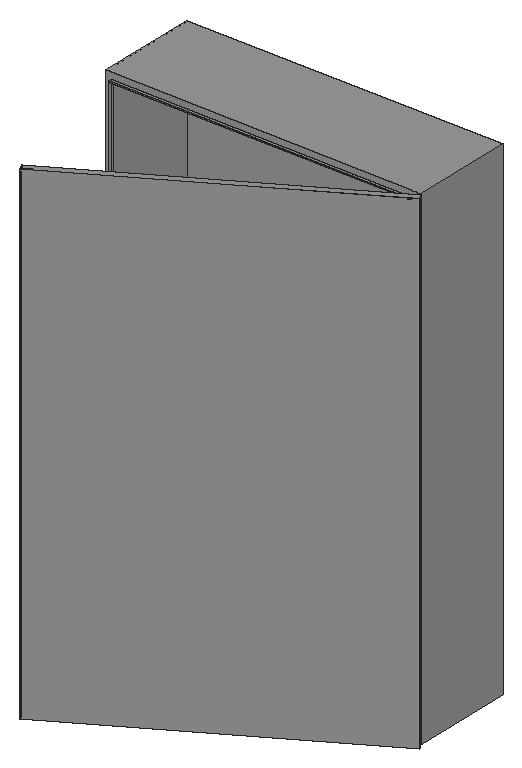
Revit family "Hager-Univers-IP55-D275-H1250-Cl.II-Steel_encl-NoHosted-DE-de", category Equipement électrique, Revit 2020
Family settings
  Configuration du panneau = Deux colonnes, circuits au sein
  Cote de connecteur circulaire = Utiliser le diamètre
  Type d'élément = Tableau de raccordement
  Basée sur le plan de construction = Oui
  Toujours verticalement = Oui
  Couper avec des vides une fois chargée = Non
  Partagée = Non
  Point de calcul de pièce = Non
Parameters (values of type "Aufputz IP55 B800 H1250 T275  - FR83S")
  Width Control [instance] = if([EF000008 - Breite] > Min Width, [EF000008 - Breite], Min Width)  # 800 mm
  Commentaires du type = [HG000003 - Bereich]  # "Univers"
  Thickness Door [instance] = if([EF009171 - Materialstärke Tür/Deckel] > 3 mm, 3 mm, [EF009171 - Materialstärke Tür/Deckel])  # 1.5 mm
  Seal Frame Offset [instance] = 17 mm  # constant formula
  Plinth Visibility [instance] = [HG000027 - Sockelhöhe] > 0 mm  # no
  Min Width [instance] = 100 mm  # constant formula
  Min Depth [instance] = (2 * [EF009170 - Materialstärke Gehäuse]) + 1 mm  # 4 mm
  Min Height [instance] = 100 mm  # constant formula
  Internal Frame Depth [instance] = (Door System Depth * 0.5)  # 9 mm
  Panel Name [instance] = ""  # (empty or 0)
  Model = ""
  HG000027 - Sockelhöhe = 0 mm
  HG000026 - Stehend auf dem Boden = no
  HG000024 - Höhe des unteren Teils = 600 mm
  HG000023 - Gehäuse mit doppeltem Querschnitt = no
  HG000016 - 3D-Türsichtbarkeit [instance] = yes
  HG000015 - Sichtbarkeit der Türöffnung [instance] = no
  HG000014 - Tür rechts [instance] = yes
  HG000013 - Tür links [instance] = not([HG000014 - Tür rechts])  # no
  HG000012 - Türschwenkwinkel [instance] = 30.00°
  HG000010 - Asymmetrische Türen = no
  HG000009 - Doppelflügeligen Tür = no
  HG000006 - Unterputz = no
  HG000004 - Herstellerreferenz = "FR83S"
  HG000003 - Bereich = "Univers"
  HG000002 - Mit tür = yes
  Frame Offset Bottom [instance] = 10 mm  # constant formula
  Frame Offset [instance] = 15 mm  # constant formula
  EF015940 - Deckel mit Überdruckentlastung = no
  EF011959 - Schutzart (NEMA) = ""
  EF009554 - Anzahl der Öffnungen für Flanschplatten = 6
  EF009212 - Ausführung Deckel = "EV000116 - geschlossen"
  EF009171 - Materialstärke Tür/Deckel = 1.5 mm
  EF009170 - Materialstärke Gehäuse = 1.5 mm
  EF008873 - Nennstrom (In) = 800 A
  EF007800 - Geeignet für Blitzschutz = no
  EF006306 - Mit Schloss = no
  EF006244 - Transparenter Deckel/Tür = no
  EF005474 - Schutzart (IP) = "EV006420 - IP55"
  EF004464 - Art der Tür = "EV002646 - Einzel"
  EF004427 - Anzahl der Module = 288
  EF004293 - Schlagfestigkeit = "EV008784 - IK10"
  EF003532 - Geeignet für Außengebrauch = no
  EF002950 - Breite in Teilungseinheiten = 24
  EF001613 - Funktionserhalt = "EV000494 - ohne"
  EF001596 - Werkstoff des Gehäuses = "EV000179 - Stahl"
  EF001131 - Innentiefe = 275 mm
  EF001088 - Anbaumöglichkeit = yes
  EF000437 - Anzahl der Leitungseinführungen = 6
  EF000339 - Art der Abdeckung = "EV004216 - Tür"
  EF000266 - Anzahl der Reihen = 8
  EF000218 - Einbautiefe = 0 mm
  EF000118 - Mit Montageplatte = no
  EF000116 - RAL-Nummer = "7035"
  EF000049 - Tiefe = 275 mm
  EF000040 - Höhe = 1250 mm
  EF000008 - Breite = 800 mm
  EF000007 - Farbe = "EV000270 - grau"
  EF000003 - Montageart = "EV000384 - Aufputz"
  Door System Leaf Tolerance [instance] = 1.5 mm  # constant formula
  Door System Depth [instance] = 18 mm  # constant formula
  Door Height [instance] = Height Control - [HG000027 - Sockelhöhe]  # 1250 mm
  Description = ""
  Default Elevation = 1219.2 mm
  Connector Offset [instance] = Height Control / 2  # 625 mm
  Fabricant = "Hager"  # constant formula
  Height Control [instance] = if([EF000040 - Höhe] > Min Height, [EF000040 - Höhe], Min Height)  # 1250 mm
  Depth Control [instance] = if([EF000049 - Tiefe] > Min Depth, [EF000049 - Tiefe], Min Depth)  # 275 mm
  Bottom Top Plate Trim [instance] = 1.5 mm  # constant formula
  Plinth height Ctrl [instance] = if([HG000027 - Sockelhöhe] > 0 mm, [HG000027 - Sockelhöhe], 12 mm)  # 12 mm
Types (5, lengths in mm): name | Width Control | HG000010 - Asymmetrische Türen | HG000009 - Doppelflügeligen Tür | HG000004 - Herstellerreferenz | EF009554 - Anzahl der Öffnungen für Flanschplatten | EF004464 - Art der Tür | EF004427 - Anzahl der Module | EF000437 - Anzahl der Leitungseinführungen | EF000008 - Breite
  Aufputz IP55 B1050 H1250 T275  - FR84S | 1050 | no | yes | "FR84S" | 8 | "EV003602 - Doppel" | 384 | 8 | 1050
  Aufputz IP55 B1300 H1250 T275  - FR85S | 1300 | yes | yes | "FR85S" | 10 | "EV003602 - Doppel" | 480 | 10 | 1300
  Aufputz IP55 B300 H1250 T275  - FR81S | 300 | no | no | "FR81S" | 2 | "EV002646 - Einzel" | 96 | 2 | 300
  Aufputz IP55 B550 H1250 T275  - FR82S | 550 | no | no | "FR82S" | 4 | "EV002646 - Einzel" | 192 | 4 | 550
  Aufputz IP55 B800 H1250 T275  - FR83S | 800 | no | no | "FR83S" | 6 | "EV002646 - Einzel" | 288 | 6 | 800
Reference planes
  plane 1 "Center (Front/Back)": y = 0
  plane 2: z = 0
  plane 3 "Center (Left/Right)": x = 0
  plane 4: y = 0
  plane 5: y = 0
  plane 6: z = 0
  plane 7: x = -400
  plane 8: x = 400
  plane 9: x = 398.5
  plane 10: x = -398.5
  plane 11: z = 0
  plane 12: z = 1.5
  plane 13: y = -275
  plane 14: y = -1.5
  plane 15: x = 0
  plane 16: y = -257
  plane 17: y = -273.5
  plane 18: y = -255.5
  plane 19: x = -383.5
  plane 20: x = 383.5
  plane 21: z = 11.5
  plane 22: x = -383
  plane 23: x = 383
  plane 24: z = 0
  plane 25: z = 1250
  plane 26: z = 1250
  plane 27: z = 1233.5
  plane 28: z = 1248.5
Forms (mm)
  Extrusion 1, solid, material "Hager_Steel_RAL7035_Light_Grey", detail levels medium+fine
    sketch origin (-208.679, -4572, 0) x (-1, 0, 0) y (0, -1, 0)
      loop
        line (191.321, -4315) -> (-608.679, -4315) -> (-608.679, -4572) -> (191.321, -4572) -> (191.321, -4315)
    from 0 to 1250
  Extrusion 2, void
    sketch origin (-350.771, -275, 1219.2) x (1, 0, 0) y (0, 0, 1)
      loop
        line (-47.729, 29.3) -> (-47.729, -1217.7) -> (749.271, -1217.7) -> (749.271, 29.3) -> (-47.729, 29.3)
    from -19.5 to -273.5
  Extrusion 3, void
    sketch origin (-290.084, -257, 1219.2) x (1, 0, 0) y (0, 0, 1)
      loop
        line (-93.416, -1207.7) -> (673.584, -1207.7) -> (673.584, 14.3) -> (-93.416, 14.3) -> (-93.416, -1207.7)
    from 0 to -1.5
  Extrusion 4, solid, material "Hager_Steel_RAL7035_Light_Grey", visible <- "Plinth Visibility", detail levels medium+fine
    sketch origin (0, 0, 0) x (1, 0, 0) y (0, 1, 0)
      loop
        line (-400, 0) -> (-400, -257) -> (400, -257) -> (400, 0) -> (-400, 0)
    from 0 to 12 <- "Plinth height Ctrl"
  Extrusion 5, solid, material "Hager_Steel_RAL7035_Light_Grey", detail levels coarse
    sketch origin (0, 0, 0) x (1, 0, 0) y (0, 1, 0)
      loop
        line (-400, 0) -> (-400, -275) -> (400, -275) -> (400, 0) -> (-400, 0)
    from 0 to 1250 <- "Height Control"
  Sweep 6, void
    path in 3D
      loop
        line (-400, -257, 12) -> (400, -257, 12) -> (400, 0, 12) -> (-400, 0, 12) -> (-400, -257, 12)
    profile origin (-400, -128.5, 12) x (1, 0, 0) y (0, 0, 1)
      loop
        line (0, 0) -> (0, -1.5) -> (1.5, -1.5)
        arc (1.5, -1.5) -> (1.061, -0.439) -> (0, 0) r 1.5
  Extrusion 7, solid, material "Hager_Steel_RAL7035_Light_Grey", detail levels fine
    sketch origin (-400, -257, 0) x (1, 0, 0) y (0, 0, 1)
      loop
        line (16.5, 11.5) -> (783.5, 11.5) -> (783.5, 1233.5) -> (16.5, 1233.5) -> (16.5, 11.5)
      loop
        line (15, 10) -> (785, 10) -> (785, 1235) -> (15, 1235) -> (15, 10)
    from 0 to 9 <- "Internal Frame Depth"
Cuts and joins
  Extrusion 2, Extrusion 3 cuts Extrusion 1
  Sweep 6 cuts Extrusion 4
Lines and regions (mm)
  Masking region 1
    outline origin (0, 0, 0) x (1, 0, 0) y (0, 1, 0)
      loop
        line (-400, 0) -> (-400, -275) -> (400, -275) -> (400, 0) -> (-400, 0)
  Masking region 2, detail levels coarse
    outline origin (-290.084, -257, 1219.2) x (-1, 0, 0) y (0, 0, 1)
      loop
        line (-690.084, -1219.2) -> (109.916, -1219.2) -> (109.916, 30.8) -> (-690.084, 30.8) -> (-690.084, -1219.2)
  Masking region 3, detail levels coarse
    outline origin (0, 0, 0) x (0, 1, 0) y (0, 0, 1)
      loop
        line (0, 0) -> (0, 1250) -> (-275, 1250) -> (-275, 0) -> (0, 0)
  Masking region 4, visible <- "Plinth Visibility", detail levels medium+fine
    outline origin (0, 0, 0) x (0, 1, 0) y (0, 0, 1)
      loop
        line (-1.5, 12) -> (-255.5, 12)
        arc (-255.5, 12) -> (-255.939, 10.939) -> (-257, 10.5) r 1.5
        line (-257, 10.5) -> (-257, 0) -> (0, 0) -> (0, 10.5)
        arc (0, 10.5) -> (-1.061, 10.939) -> (-1.5, 12) r 1.5
  Masking region 5, detail levels medium+fine
    outline origin (0, 0, 594.038) x (0, 1, 0) y (0, 0, 1)
      loop
        line (0, -594.038) -> (0, 655.962) -> (-257, 655.962) -> (-257, -594.038) -> (0, -594.038)
  Masking region 6, detail levels medium+fine
    outline origin (-359.7, -257, 1211.883) x (-1, 0, 0) y (0, 0, 1)
      loop
        line (-759.7, -1211.883) -> (40.3, -1211.883) -> (40.3, 38.117) -> (-759.7, 38.117) -> (-759.7, -1211.883)
  Masking region 7, visible <- "Plinth Visibility", detail levels medium+fine
    outline origin (-320.334, -257, 1041.368) x (-1, 0, 0) y (0, 0, 1)
      loop
        line (-720.334, -1041.368) -> (79.666, -1041.368) -> (79.666, -1030.868)
        arc (79.666, -1030.868) -> (78.606, -1030.429) -> (78.166, -1029.368) r 1.5
        line (78.166, -1029.368) -> (-718.834, -1029.368)
        arc (-718.834, -1029.368) -> (-719.273, -1030.429) -> (-720.334, -1030.868) r 1.5
        line (-720.334, -1030.868) -> (-720.334, -1041.368)
  sketch lines
    curve 1: line (-400, 0, 12) -> (-400, -257, 12)
    curve 2: line (-400, -257, 12) -> (400, -257, 12)
    curve 3: line (400, 0, 12) -> (-400, 0, 12)
    curve 4: line (400, -257, 12) -> (400, 0, 12)
Dimensions and locks
  locked: plane 1 "Center (Front/Back)" to plane 5
  "EF009170 - Materialstärke Gehäuse": plane 7 to plane 10
  "EF009170 - Materialstärke Gehäuse": plane 8 to plane 9
  equal spacing: plane 7, plane 3 "Center (Left/Right)", plane 8
  "Width Control": plane 7 to plane 8
  "Depth Control": plane 4 to plane 13
  "EF009170 - Materialstärke Gehäuse": plane 4 to plane 14
  "Height Control": plane 25 to level
  "HG000027 - Sockelhöhe": plane 11 to level
  "EF009170 - Materialstärke Gehäuse": plane 12 to plane 11
  "EF009170 - Materialstärke Gehäuse": plane 17 to plane 13
  "EF009170 - Materialstärke Gehäuse": plane 18 to plane 16
  "Frame Offset Bottom": plane 21 to plane 12
  "Frame Offset": plane 10 to plane 19
  "Frame Offset": plane 9 to plane 20
  "Door System Depth": plane 16 to plane 13
  "Seal Frame Offset": plane 7 to plane 22
  "Seal Frame Offset": plane 8 to plane 23
  "EF009170 - Materialstärke Gehäuse": plane 26 to plane 28
  "Frame Offset": plane 28 to plane 27
  "Connector Offset": plane 2 to connector elem
  "Bottom Top Plate Trim": profile plane to Sweep 6 sketch curve
  "Bottom Top Plate Trim": Sweep 6 sketch curve to Sweep 6 sketch curve
  "Plinth height Ctrl": Masking region 4 sketch curve to level
  "Plinth height Ctrl": Masking region 7 sketch curve to level
  "Thickness Door": Extrusion 7 sketch curve to Extrusion 7 sketch curve  (x4)
  "Bottom Top Plate Trim": radius of Sweep 6 sketch curve
  "Bottom Top Plate Trim": radius of Masking region 4 sketch curve  (x2)
  "Bottom Top Plate Trim": radius of Masking region 7 sketch curve  (x2)
  aligned and locked: Extrusion 2 sketch curve to plane 12
  aligned and locked: Extrusion 2 sketch curve to plane 9
  aligned and locked: Extrusion 2 sketch curve to plane 10
  aligned and locked: Extrusion 2 to plane 14
  aligned and locked: Extrusion 1 sketch curve to plane 4
  aligned and locked: plane 8 to Extrusion 1 sketch curve
  aligned and locked: plane 7 to Extrusion 1 sketch curve
  aligned and locked: Extrusion 2 to plane 18
  aligned and locked: Extrusion 3 sketch curve to plane 19
  aligned and locked: plane 20 to Extrusion 3 sketch curve
  aligned and locked: Extrusion 3 to Extrusion 2
  aligned and locked: Extrusion 3 sketch curve to plane 21
  aligned and locked: plane 3 "Center (Left/Right)" to nested 1
  aligned and locked: Extrusion 1 sketch curve to plane 16
  aligned and locked: Extrusion 4 sketch curve to cut or joined group of Extrusion 1, Extrusion 2, Extrusion 3
  aligned and locked: Masking region 1 sketch curve to plane 7
  aligned and locked: Masking region 1 sketch curve to plane 5
  aligned and locked: Masking region 1 sketch curve to plane 8
  aligned and locked: Masking region 2 sketch curve to level
  aligned and locked: level to Masking region 3 sketch curve
  aligned and locked: plane 1 "Center (Front/Back)" to Masking region 3 sketch curve
  aligned and locked: plane 13 to Masking region 3 sketch curve
  aligned and locked: plane 5 to Masking region 4 sketch curve
  aligned and locked: Masking region 2 sketch curve to plane 8
  aligned and locked: Masking region 2 sketch curve to plane 7
  aligned and locked: plane 7 to nested 2
  aligned and locked: nested 2 to plane 5
  aligned and locked: plane 5 to Masking region 5 sketch curve
  aligned and locked: plane 26 to Masking region 5 sketch curve
  aligned and locked: Extrusion 5 sketch curve to plane 8
  aligned and locked: Extrusion 5 sketch curve to plane 7
  aligned and locked: Extrusion 5 sketch curve to plane 5
  aligned and locked: Extrusion 3 sketch curve to plane 27
  aligned and locked: Extrusion 2 sketch curve to plane 28
  aligned and locked: Masking region 2 to plane 25
  aligned and locked: Extrusion 4 to plane 16
  aligned and locked: profile plane to Sweep 6 sketch curve
  aligned and locked: Masking region 5 sketch curve to plane 24
  aligned and locked: level to Masking region 4 sketch curve
  aligned and locked: Masking region 1 to plane 13
  aligned and locked: nested 1 to plane 16
  aligned and locked: Masking region 3 to plane 25
  aligned and locked: plane 16 to Masking region 4 sketch curve
  aligned and locked: Masking region 5 sketch curve to plane 16
  aligned and locked: plane 24 to plane 11
  aligned and locked: plane 26 to plane 25
  aligned and locked: plane 26 to cut or joined group of Extrusion 1, Extrusion 2, Extrusion 3
  aligned and locked: nested 1 to plane 24
  aligned and locked: Extrusion 1 to Extrusion 3
  aligned and locked: Masking region 6 sketch curve to plane 8
  aligned and locked: Masking region 6 sketch curve to plane 24
  aligned and locked: Masking region 6 sketch curve to plane 7
  aligned and locked: Masking region 6 sketch curve to plane 26
  aligned and locked: Masking region 7 sketch curve to plane 7
  aligned and locked: level to Masking region 7 sketch curve
  aligned and locked: Masking region 7 sketch curve to plane 8
  aligned and locked: Extrusion 7 sketch curve to cut or joined group of Extrusion 1, Extrusion 2, Extrusion 3  (x4)
Automatic sketch dimensions
  plane 19 to Extrusion 3 sketch curve = 0 mm
  Extrusion 3 sketch curve to plane 20 = 0 mm
  Extrusion 3 sketch curve to plane 21 = 0 mm
  Extrusion 4 sketch curve to plane 7 = 0 mm
  Extrusion 4 sketch curve to plane 8 = 0 mm
  Extrusion 4 sketch curve to plane 16 = 0 mm
  Masking region 1 sketch curve to plane 13 = 0 mm
  Masking region 2 sketch curve to plane 25 = 0 mm
  Masking region 3 sketch curve to plane 25 = 0 mm
  Extrusion 5 sketch curve to plane 13 = 0 mm
  profile plane to Sweep 6 sketch curve = 0 mm
Nested families
  nested 1: "EC000058_Univers_Door" at (0, -257, 0), Double <- "HG000009 - Doppelflügeligen Tür", Transparent <- "EF006244 - Transparenter Deckel/Tür", Angle <- "HG000012 - Türschwenkwinkel", Door_Right <- "HG000014 - Tür rechts", Assymetrical <- "HG000010 - Asymmetrische Türen", Door <- "HG000002 - Mit tür", Width_Ctrl <- "Width Control", 3d_Door <- "HG000016 - 3D-Türsichtbarkeit", Clearance <- "HG000015 - Sichtbarkeit der Türöffnung", Door_Left <- "HG000013 - Tür links", Width <- "Width Control", Door_Depth <- "Door System Depth", Leaf_Tolerance <- "Door System Leaf Tolerance", Height <- "Door Height", Lock_Visibility <- "EF006306 - Mit Schloss", Thickness <- "Thickness Door", type "EC000058_Univers_Door", detail levels medium+fine
    with min_wh 4 mm, Width_Ctrl 800 mm, Width 800 mm, Transparent no, Thickness 1.5 mm, Seal_Material Hager_Rubber, Lock_Visibility no, Lock_Material Hager_Plastic_RAL9005_Jet_Black, Leaf_Width 800 mm, Leaf_Tolerance_External_Sides 0 mm, Leaf_Tolerance 1.5 mm, Leaf_Offset 0 mm, Leaf_Height 1247 mm, Leaf_2_Width 800 mm, Leaf_2_Offset 400 mm, Leaf_1_Width 800 mm, Leaf_1_Offset 400 mm, Height_Ctrl 1250 mm, Height 1250 mm, Glass_Material Hager_Glass, Double_Clearance_Ctrl no, Double no, Door_Right_Ctrl yes, Door_Right yes, Door_Material Hager_Steel_RAL7035_Light_Grey, Door_Left_Ctrl no, Door_Left no, Door_Depth 18 mm, Door yes, Clearance_Material Hager_Clearance, Clearance_Depth 800 mm, Clearance_Ctrl no, Clearance no, Assymetrical no, Angle 30.00°, 3d_Door yes
  nested 2: "Hager_Enclosure_Symbol" at (-400, 0, 0), Height <- "Depth Control", Width <- "Width Control", type "Hager_Enclosure_Symbol"
    with Width_Ctrl 800 mm, Width 800 mm, Height_Ctrl 275 mm, Height 275 mm, A_Width_Int 18.047 mm, A_Width 216.562 mm, A_Height_Ctrl 240.625 mm, A_Height 240.625 mm
Connectors
  electrical at (0, 0, 625)
    settings: on plane 1 "Center (Front/Back)", index 1, voltage 0 V, apparent load 0 VA, apparent load phase1 0 VA, apparent load phase2 0 VA, apparent load phase3 0 VA, power factor 1, load classification "Other", number of poles 1, system type 30, power factor state 1, is connector primary yes, connector utility no, sub classification motor no, connector description ""
Definition of nested family "EC000058_Univers_Door"
  Parameters (values of type "EC000058_Univers_Door")
    min_wh [instance] = (2 * Thickness) + 1 mm  # 11 mm
    Width_Ctrl [instance] = 400 mm
    Width [instance] = 500 mm
    Transparent [instance] = yes
    Thickness [instance] = 5 mm
    Seal_Material [instance] = none
    Lock_Visibility [instance] = yes
    Lock_Material [instance] = none
    Leaf_Width [instance] = if((Width_Ctrl - 2 * Leaf_Tolerance_External_Sides) > 0 mm, (Width_Ctrl - 2 * Leaf_Tolerance_External_Sides), min_wh)  # 400 mm
    Leaf_Tolerance_External_Sides [instance] = 0 mm  # constant formula
    Leaf_Tolerance [instance] = 1.5 mm
    Leaf_Offset [instance] = 0 mm  # constant formula
    Leaf_Height [instance] = if((Height_Ctrl - 2 * Leaf_Tolerance) > 0 mm, (Height_Ctrl - 2 * Leaf_Tolerance), min_wh)  # 497 mm
    Leaf_2_Width [instance] = if(and(and(Double, Assymetrical), Door_Left), (Leaf_Width / 3) - (Leaf_Tolerance / 2), if(and(and(Double, Assymetrical), Door_Right), (Leaf_Width / 3) * 2 - (Leaf_Tolerance / 2), if(and(Double, not(Assymetrical)), (Leaf_Width / 2) - Leaf_Tolerance, Leaf_Width)))  # 400 mm
    Leaf_2_Offset [instance] = if(and(Double, Assymetrical), Leaf_2_Width / 2, if(and(Double, not(Assymetrical)), Leaf_Width / 4, Leaf_Width / 2))  # 200 mm
    Leaf_1_Width [instance] = if(and(and(Double, Assymetrical), Door_Right), (Leaf_Width / 3) - (Leaf_Tolerance / 2), if(and(and(Double, Assymetrical), Door_Left), (Width / 3) * 2 - (Leaf_Tolerance / 2), if(and(Double, not(Assymetrical)), (Leaf_Width / 2) - Leaf_Tolerance, Leaf_Width)))  # 400 mm
    Leaf_1_Offset [instance] = if(and(Double, Assymetrical), Leaf_1_Width / 2, if(and(Double, not(Assymetrical)), Leaf_Width / 4, Leaf_Width / 2))  # 200 mm
    Height_Ctrl [instance] = if(Height > min_wh, Height, min_wh)  # 500 mm
    Height [instance] = 500 mm
    Glass_Material [instance] = none
    Double_Clearance_Ctrl [instance] = and(Double, Clearance)  # no
    Double [instance] = no
    Door_Right_Ctrl [instance] = and(or(Door_Right, Double), Door)  # yes
    Door_Right [instance] = yes
    Door_Material [instance] = none
    Door_Left_Ctrl [instance] = and(or(Door_Left, Double), Door)  # no
    Door_Left [instance] = no
    Door_Depth [instance] = 30 mm
    Door [instance] = yes
    Default Elevation = 1219.2 mm
    Clearance_Material [instance] = none
    Clearance_Depth [instance] = if(Leaf_1_Width > Leaf_2_Width, Leaf_1_Width, Leaf_2_Width)  # 400 mm
    Clearance_Ctrl [instance] = and(not(Double), Clearance)  # yes
    Clearance [instance] = yes
    Assymetrical [instance] = yes
    Angle [instance] = 30.00°
    3d_Door [instance] = yes
  Reference planes
    plane 1 "Center (Front/Back)": y = 0
    plane 2 "Bottom": z = 0
    plane 3 "Center (Left/Right)": x = 0
    plane 4: z = 500
    plane 5: x = -200
    plane 6: x = 200
    plane 7: z = 500
    plane 8: x = -200
    plane 9: z = 0
    plane 10: x = 200
    plane 11: y = 0
    plane 12: z = 1.5
    plane 13: x = -600
    plane 14: y = -400
    plane 15: x = 600
    plane 16: x = 0
    plane 17: x = 0
    plane 18: x = -200
    plane 19: x = 200
    plane 20: z = 498.5
  Forms (mm)
    Extrusion 1, solid, material <- "Clearance_Material", visible <- "Double_Clearance_Ctrl"
      sketch origin (1200, 0, 0) x (1, 0, 0) y (0, 0, -1)
        loop
          line (-1800, -498.5) -> (-600, -498.5) -> (-600, 0) -> (-1800, 0) -> (-1800, -498.5)
      from 0 to -400
  Dimensions and locks
    equal spacing: plane 5, plane 3 "Center (Left/Right)", plane 6
    "Width_Ctrl": plane 5 to plane 6
    "Leaf_Offset": plane 5 to plane 8
    "Leaf_Offset": plane 6 to plane 10
    "Leaf_Offset": plane 9 to level
    "Leaf_Offset": plane 4 to plane 7
    "Height_Ctrl": plane 4 to level
    "Leaf_Tolerance": plane 12 to plane 9
    locked: plane 11 to plane 1 "Center (Front/Back)"
    "Leaf_1_Offset": plane 18 to plane 16
    "Leaf_2_Offset": plane 17 to plane 19
    "Leaf_1_Width": plane 13 to plane 8
    "Leaf_2_Width": plane 10 to plane 15
    "Clearance_Depth": plane 14 to plane 1 "Center (Front/Back)"
    "Leaf_Tolerance_External_Sides": plane 8 to plane 18
    "Leaf_Tolerance_External_Sides": plane 19 to plane 10
    "Leaf_Tolerance": plane 7 to plane 20
    aligned and locked: level to plane 2 "Bottom"
    aligned and locked: nested 1 to plane 16
    aligned and locked: nested 2 to plane 17
    aligned and locked: Extrusion 1 to plane 13
    aligned and locked: plane 15 to Extrusion 1
    aligned and locked: Extrusion 1 to plane 14
    aligned and locked: plane 12 to nested 1
    aligned and locked: nested 2 to plane 12
    aligned and locked: Extrusion 1 to plane 11
    aligned and locked: plane 20 to Extrusion 1
    aligned and locked: nested 2 to plane 11
    aligned and locked: nested 1 to plane 11
  Automatic sketch dimensions
    Extrusion 1 sketch curve to level = 0 mm
    plane 5 to Extrusion 1 sketch curve = 400 mm
    plane 6 to Extrusion 1 sketch curve = 400 mm
    Extrusion 1 sketch curve to plane 4 = 1.5 mm
  Nested families
    nested 1: "EC000058_Univers_Door_Leaf" at (0, 0, 1.5), Width <- "Leaf_1_Width", visible <- "Door_Left_Ctrl", Leaf_Height <- "Leaf_Height", Angle <- "Angle", 3d_Door <- "3d_Door", Transparent <- "Transparent", Clearance Material <- "Clearance_Material", Clearance <- "Clearance_Ctrl", Door_Material <- "Door_Material", Glass_Material <- "Glass_Material", Door_Depth <- "Door_Depth", Lock_Material <- "Lock_Material", Seal_Material <- "Seal_Material", Lock_Visibility <- "Lock_Visibility", Thickness <- "Thickness", type "EC000058_Univers_Door_Leaf"
      with Width 400 mm, Transparent_Glass_Offset 30 mm, Transparent_Ctrl yes, Transparent yes, Thickness 5 mm, Standard no, Seal_Material none, Seal_D2 8 mm, Seal_D1 1 mm, Offset_Internal_Frame 10 mm, Lock_Width 20 mm, Lock_Visibility_3d yes, Lock_Visibility yes, Lock_Thickness_3 3 mm, Lock_Thickness_2 1 mm, Lock_Thickness_1 3 mm, Lock_Radius_Offset_2 16 mm, Lock_Radius_Offset_1 15 mm, Lock_Radius_2 5 mm, Lock_Radius 6 mm, Lock_Offset 5 mm, Lock_Material none, Lock_Height 80 mm, Lock_Cover_Top_Offset_2d 17 mm, Lock_Cover_Height -65 mm, Leaf_Height 497 mm, Internal_Seal_Thickness 8 mm, Internal_Seal_Depth_2 4.5 mm, Internal_Frame_Depth 25 mm, Glass_Thickness -1 mm, Glass_Offset -2 mm, Glass_Material none, Door_Material none, Door_Depth 30 mm, Clearance Material none, Clearance yes, Angle_Ctrl 30.00°, Angle 30.00°, 3d_Door yes
    nested 2: "EC000058_Univers_Door_Leaf" at (0, 0, 1.5) x (-1, 0, 0) z (0, 0, 1), Width <- "Leaf_2_Width", visible <- "Door_Right_Ctrl", Leaf_Height <- "Leaf_Height", Angle <- "Angle", 3d_Door <- "3d_Door", Transparent <- "Transparent", Clearance Material <- "Clearance_Material", Clearance <- "Clearance_Ctrl", Door_Material <- "Door_Material", Glass_Material <- "Glass_Material", Door_Depth <- "Door_Depth", Lock_Material <- "Lock_Material", Seal_Material <- "Seal_Material", Lock_Visibility <- "Lock_Visibility", Thickness <- "Thickness", type "EC000058_Univers_Door_Leaf"
      with Width 400 mm, Transparent_Glass_Offset 30 mm, Transparent_Ctrl yes, Transparent yes, Thickness 5 mm, Standard no, Seal_Material none, Seal_D2 8 mm, Seal_D1 1 mm, Offset_Internal_Frame 10 mm, Lock_Width 20 mm, Lock_Visibility_3d yes, Lock_Visibility yes, Lock_Thickness_3 3 mm, Lock_Thickness_2 1 mm, Lock_Thickness_1 3 mm, Lock_Radius_Offset_2 16 mm, Lock_Radius_Offset_1 15 mm, Lock_Radius_2 5 mm, Lock_Radius 6 mm, Lock_Offset 5 mm, Lock_Material none, Lock_Height 80 mm, Lock_Cover_Top_Offset_2d 17 mm, Lock_Cover_Height -65 mm, Leaf_Height 497 mm, Internal_Seal_Thickness 8 mm, Internal_Seal_Depth_2 4.5 mm, Internal_Frame_Depth 25 mm, Glass_Thickness -1 mm, Glass_Offset -2 mm, Glass_Material none, Door_Material none, Door_Depth 30 mm, Clearance Material none, Clearance yes, Angle_Ctrl 30.00°, Angle 30.00°, 3d_Door yes
  Definition of nested family "EC000058_Univers_Door_Leaf"
    Parameters (values of type "EC000058_Univers_Door_Leaf")
      Width [instance] = 2000 mm
      Transparent_Glass_Offset [instance] = 30 mm
      Transparent_Ctrl [instance] = and(Transparent, [3d_Door])  # yes
      Transparent [instance] = yes
      Thickness [instance] = 5 mm
      Standard [instance] = and(not(Transparent), [3d_Door])  # no
      Seal_Material [instance] = none
      Seal_D2 [instance] = 8 mm  # constant formula
      Seal_D1 [instance] = 1 mm  # constant formula
      Offset_Internal_Frame [instance] = 10 mm  # constant formula
      Lock_Width [instance] = 20 mm  # constant formula
      Lock_Visibility_3d [instance] = and(Lock_Visibility, [3d_Door])  # yes
      Lock_Visibility [instance] = yes
      Lock_Thickness_3 [instance] = 3 mm  # constant formula
      Lock_Thickness_2 [instance] = 1 mm  # constant formula
      Lock_Thickness_1 [instance] = 3 mm  # constant formula
      Lock_Radius_Offset_2 [instance] = Lock_Radius_Offset_1 + 1 mm  # 16 mm
      Lock_Radius_Offset_1 [instance] = 15 mm  # constant formula
      Lock_Radius_2 [instance] = Lock_Radius - 1 mm  # 5 mm
      Lock_Radius [instance] = 6 mm  # constant formula
      Lock_Offset [instance] = 5 mm  # constant formula
      Lock_Material [instance] = none
      Lock_Height [instance] = 80 mm  # constant formula
      Lock_Cover_Top_Offset_2d [instance] = Lock_Radius_Offset_2 + 1 mm  # 17 mm
      Lock_Cover_Height [instance] = -(Lock_Height - Lock_Radius_Offset_1)  # -65 mm
      Leaf_Height [instance] = 2720.336 mm
      Internal_Seal_Thickness [instance] = 8 mm  # constant formula
      Internal_Seal_Depth_2 [instance] = 4.5 mm  # constant formula
      Internal_Frame_Depth [instance] = if(Door_Depth - Thickness > 5 mm, Door_Depth - Thickness, 5 mm)  # 25 mm
      Glass_Thickness [instance] = if(Thickness > 15 mm, Glass_Offset + 10 mm, -1 mm)  # -1 mm
      Glass_Offset [instance] = if(Thickness > 15 mm, -(Thickness + 10 mm) / 2, -2 mm)  # -2 mm
      Glass_Material [instance] = none
      Door_Material [instance] = none
      Door_Depth [instance] = 30 mm
      Default Elevation = 0 mm
      Clearance Material [instance] = none
      Clearance [instance] = yes
      Angle_Ctrl [instance] = if(Angle > 180.00°, 180.00°, Angle)  # 90.00°
      Angle [instance] = 90.00°
      3d_Door [instance] = yes
    Reference planes
      plane 1 "Center (Front/Back)": y = 0
      plane 2: z = 0
      plane 3 "Center (Left/Right)": x = 0
      plane 4: y = 2000
      plane 5: x = -1000
      plane 6: x = 1000
      plane 7: x = -3000
      plane 8: z = 2720.336
      plane 9: z = 30
      plane 10: z = 2690.336
      plane 11: x = 970
      plane 12: x = -970
      plane 13: y = -3
      plane 14: z = 107.833
      plane 15: y = -5
      plane 16: y = -223.314
      plane 17: x = -1000
      plane 18: z = 1360.168
      plane 19: y = 30
    Forms (mm)
      Extrusion 1, solid, material <- "Clearance Material", visible <- "Clearance"
        sketch origin (0, 0, 0) x (1, 0, 0) y (0, 0, 1)
          loop
            line (-3000, 2720.336) -> (-3000, 0) -> (1000, 0) -> (1000, 2720.336) -> (-3000, 2720.336)
        from 0 to -2000
      Extrusion 2, solid, material <- "Door_Material", visible <- "Standard", detail levels medium+fine
        sketch origin (-1000, 0, 0) x (0, 1, 0) y (-1, 0, 0)
          loop
            line (0, 30) -> (0, 25) -> (2000, 25) -> (2000, 30) -> (0, 30)
        from 0 to 2720.336 <- "Leaf_Height"
      Extrusion 3, solid, material <- "Door_Material", visible <- "Transparent_Ctrl", detail levels medium+fine
        sketch origin (-1000, 0, 0) x (0, 1, 0) y (-1, 0, 0)
          loop
            line (0, 25) -> (2000, 25) -> (2000, 30) -> (0, 30) -> (0, 25)
        from 0 to 2720.336 <- "Leaf_Height"
      Extrusion 4, void
        sketch origin (-1025, 2000, 0) x (0, 1, 0) y (0, 0, -1)
          loop
            line (-30, -2690.336) -> (-30, -30) -> (-1970, -30) -> (-1970, -2690.336) -> (-30, -2690.336)
        from 0 to 5 <- "Thickness"
      Sweep 5, solid, material <- "Seal_Material", visible <- "Transparent_Ctrl", detail levels fine
        path in 3D
          loop
            line (-1025, 30, 30) -> (-1025, 30, 2690.336) -> (-1025, 1970, 2690.336) -> (-1025, 1970, 30) -> (-1025, 30, 30)
        profile origin (-1025, 1000, 30) x (1, 0, 0) y (0, 0, 1)
          loop
            line (0, 0) -> (0, -8) -> (1, -8) -> (1, 0) -> (0, 0)
      Extrusion 6, solid, material <- "Glass_Material", visible <- "Transparent_Ctrl", detail levels medium+fine
        sketch origin (-1030, 0, 0) x (0, 1, 0) y (0, 0, -1)
          loop
            line (1970, -2690.336) -> (1970, -30) -> (30, -30) -> (30, -2690.336) -> (1970, -2690.336)
        from -2 <- "Glass_Offset" to -1 <- "Glass_Thickness"
      Extrusion 7, solid, material <- "Door_Material", visible <- "3d_Door", detail levels medium+fine
        sketch origin (-1025, 2000, 0) x (0, -1, 0) y (0, 0, -1)
          loop
            line (0, -2720.336) -> (2000, -2720.336) -> (2000, 0) -> (0, 0) -> (0, -2720.336)
          loop
            line (1995, -5) -> (5, -5) -> (5, -2715.336) -> (1995, -2715.336) -> (1995, -5)
        from 0 to 25 <- "Internal_Frame_Depth"
      Sweep 8, solid, material <- "Seal_Material", visible <- "Transparent_Ctrl", detail levels fine
        path in 3D
          loop
            line (-1025, 0, 0) -> (-1025, 2000, 0) -> (-1025, 2000, 2720.336) -> (-1025, 0, 2720.336) -> (-1025, 0, 0)
        profile origin (-1025, 0, 1360.168) x (1, 0, 0) y (0, 1, 0)
          loop
            line (0, 10) -> (2.975, 10)
            arc (2.975, 10) -> (4.053, 10.447) -> (4.5, 11.525) r 1.525
            line (4.5, 11.525) -> (4.5, 16.527)
            arc (4.5, 16.527) -> (4.069, 17.569) -> (3.027, 18) r 1.473
            line (3.027, 18) -> (0, 18) -> (0, 10)
      Extrusion 9, solid, material <- "Lock_Material", visible <- "Lock_Visibility_3d", detail levels fine
        sketch origin (-1030, 0, 0) x (0, 1, 0) y (0, 0, -1)
          loop
            arc (1993.5, -1400.168) -> (1994.561, -1399.729) -> (1995, -1398.668) r 1.5
            line (1995, -1398.668) -> (1995, -1320.168) -> (1975, -1320.168) -> (1975, -1398.668)
            arc (1975, -1398.668) -> (1975.439, -1399.729) -> (1976.5, -1400.168) r 1.5
            line (1976.5, -1400.168) -> (1993.5, -1400.168)
        from 3 <- "Lock_Thickness_1" to 0
      Blend 10, solid, material <- "Lock_Material", visible <- "Lock_Visibility_3d", detail levels fine
        base sketch origin (-1033, 0, 0) x (0, 1, 0) y (0, 0, -1)
          loop
            line (1975, -1320.168) -> (1975, -1398.668)
            arc (1975, -1398.668) -> (1975.439, -1399.729) -> (1976.5, -1400.168) r 1.5
            line (1976.5, -1400.168) -> (1993.5, -1400.168)
            arc (1993.5, -1400.168) -> (1994.561, -1399.729) -> (1995, -1398.668) r 1.5
            line (1995, -1398.668) -> (1995, -1320.168) -> (1975, -1320.168)
        top sketch origin (-1033, 0, 0) x (0, 1, 0) y (0, 0, -1)
          loop
            line (1976, -1320.168) -> (1976, -1398.668)
            arc (1976, -1398.668) -> (1976.146, -1399.022) -> (1976.5, -1399.168) r 0.5
            line (1976.5, -1399.168) -> (1993.5, -1399.168)
            arc (1993.5, -1399.168) -> (1993.854, -1399.022) -> (1994, -1398.668) r 0.5
            line (1994, -1398.668) -> (1994, -1320.168) -> (1976, -1320.168)
        from 0 to 1 <- "Lock_Thickness_2"
      Blend 11, solid, material <- "Lock_Material", visible <- "Lock_Visibility_3d", detail levels fine
        base sketch origin (-1034, 0, 0) x (0, 1, 0) y (0, 0, -1)
          loop
            line (1978, -1320.168) -> (1978, -1384.168)
            arc (1978, -1384.168) -> (1985, -1391.168) -> (1992, -1384.168) r 7
            line (1992, -1384.168) -> (1992, -1320.168) -> (1978, -1320.168)
        top sketch origin (-1034, 0, 0) x (0, 1, 0) y (0, 0, -1)
          loop
            line (1991, -1320.168) -> (1979, -1320.168) -> (1979, -1383.168)
            arc (1979, -1383.168) -> (1985, -1389.168) -> (1991, -1383.168) r 6
            line (1991, -1383.168) -> (1991, -1320.168)
        from 0 to 3 <- "Lock_Thickness_3"
      Extrusion 12, solid, material <- "Lock_Material", visible <- "Lock_Visibility_3d", detail levels fine
        sketch origin (-1030, 1975, 1320.168) x (1, 0, 0) y (0, -1, 0)
          loop
            line (-7, -19) -> (-7, -1) -> (0, -1) -> (0, 0) -> (-8, 0) -> (-8, -20) -> (0, -20) -> (0, -19) -> (-7, -19)
        from 0 to -65 <- "Lock_Cover_Height"
      Extrusion 13, void
        sketch origin (-1038, 1995, 1320.168) x (-1, 0, 0) y (0, 0, -1)
          loop
            line (-5, -65) -> (0, -65) -> (-5, -60) -> (-5, -65)
        from 0 to 20 <- "Lock_Width"
      Extrusion 14, void
        sketch origin (-1038, 1975, 1320.168) x (0, -1, 0) y (0, 0, -1)
          loop
            circle (-10, -15.995) r 6
          loop
            circle (-10, -15.995) r 5
        from 0 to 2
      Extrusion 15, solid, material <- "Lock_Material", visible <- "Lock_Visibility_3d", detail levels medium
        sketch origin (-1030, 0, 0) x (0, 1, 0) y (0, 0, -1)
          loop
            arc (1993.5, -1400.168) -> (1994.561, -1399.729) -> (1995, -1398.668) r 1.5
            line (1995, -1398.668) -> (1995, -1320.168) -> (1975, -1320.168) -> (1975, -1398.668)
            arc (1975, -1398.668) -> (1975.439, -1399.729) -> (1976.5, -1400.168) r 1.5
            line (1976.5, -1400.168) -> (1993.5, -1400.168)
        from 8 to 0
    Cuts and joins
      Extrusion 4 cuts Extrusion 3
      Extrusion 13, Extrusion 14 cuts Extrusion 9
      Extrusion 14 cuts Blend 11
      Extrusion 13, Extrusion 14 cuts Extrusion 12
      joined: Extrusion 9, Blend 10, Blend 11, Extrusion 12
      Extrusion 14 cuts Extrusion 15
    Lines and regions (mm)
      Masking region 1, visible <- "Lock_Visibility", detail levels fine
        outline origin (0, 0, 0) x (0, 1, 0) y (0, 0, 1)
          loop
            line (30, 1320.168) -> (33, 1320.168) -> (33, 1400.168) -> (30, 1400.168) -> (30, 1320.168)
      Masking region 2, visible <- "Lock_Visibility", detail levels fine
        outline origin (0, 3.143, 0) x (0, 1, 0) y (0, 0, 1)
          loop
            line (29.857, 1354.168) -> (30.857, 1354.168) -> (30.857, 1366.168) -> (29.857, 1366.168) -> (29.857, 1354.168)
      Masking region 3, detail levels medium+fine
        outline origin (0, 0, 0) x (0, 1, 0) y (0, 0, 1)
          loop
            line (0, 0) -> (30, 0) -> (30, 2720.336) -> (0, 2720.336) -> (0, 0)
      Masking region 4, detail levels medium+fine
        outline origin (0, 0, 0) x (1, 0, 0) y (0, 0, 1)
          loop
            line (-1000, 2720.336) -> (-1000, 0) -> (1000, 0) -> (1000, 2720.336) -> (-1000, 2720.336)
      Masking region 5, visible <- "Lock_Visibility", detail levels fine
        outline origin (-47.116, 0, 0) x (1, 0, 0) y (0, 0, 1)
          loop
            arc (1024.616, 1399.168) -> (1023.556, 1398.729) -> (1023.116, 1397.668) r 1.5
            line (1023.116, 1397.668) -> (1023.116, 1320.168) -> (1041.116, 1320.168) -> (1041.116, 1397.668)
            arc (1041.116, 1397.668) -> (1040.677, 1398.729) -> (1039.616, 1399.168) r 1.5
            line (1039.616, 1399.168) -> (1024.616, 1399.168)
      Masking region 6, visible <- "Lock_Visibility", detail levels medium+fine
        outline origin (-25, 0, 0) x (1, 0, 0) y (0, 0, 1)
          loop
            arc (1001.5, 1400.168) -> (1000.439, 1399.729) -> (1000, 1398.668) r 1.5
            line (1000, 1398.668) -> (1000, 1320.168) -> (1020, 1320.168) -> (1020, 1398.668)
            arc (1020, 1398.668) -> (1019.561, 1399.729) -> (1018.5, 1400.168) r 1.5
            line (1018.5, 1400.168) -> (1001.5, 1400.168)
      Masking region 7, visible <- "Lock_Visibility", detail levels fine
        outline origin (-73.735, 0, 0) x (1, 0, 0) y (0, 0, 1)
          loop
            line (1051.735, 1382.168) -> (1065.735, 1382.168) -> (1065.735, 1384.168)
            arc (1065.735, 1384.168) -> (1058.735, 1391.168) -> (1051.735, 1384.168) r 7
            line (1051.735, 1384.168) -> (1051.735, 1382.168)
      Masking region 8, visible <- "Lock_Visibility", detail levels fine
        outline origin (-73.735, 0, 0) x (1, 0, 0) y (0, 0, 1)
          loop
            line (1052.735, 1382.168) -> (1064.735, 1382.168) -> (1064.735, 1383.168)
            arc (1064.735, 1383.168) -> (1058.735, 1389.168) -> (1052.735, 1383.168) r 6
            line (1052.735, 1383.168) -> (1052.735, 1382.168)
      Masking region 9, visible <- "Lock_Visibility", detail levels fine
        outline origin (-25, 0, 0) x (1, 0, 0) y (0, 0, 1)
          loop
            line (1020, 1320.168) -> (1020, 1382.168) -> (1000, 1382.168) -> (1000, 1320.168) -> (1020, 1320.168)
      Masking region 10, detail levels medium+fine
        outline origin (0, 0, 0) x (1, 0, 0) y (0, 0, 1)
          loop
            circle (985, 1335.144) r 6
      Masking region 11, detail levels fine
        outline origin (0, 0, 0) x (1, 0, 0) y (0, 0, 1)
          loop
            circle (985, 1335.144) r 5
      Masking region 12, visible <- "Lock_Visibility", detail levels fine
        outline origin (0, 12.767, 0) x (0, 1, 0) y (0, 0, 1)
          loop
            line (20.233, 1320.168) -> (21.233, 1320.168) -> (21.233, 1399.168) -> (20.233, 1400.168) -> (20.233, 1320.168)
      Masking region 13, visible <- "Lock_Visibility", detail levels fine
        outline origin (0, 13.767, -10) x (0, 1, 0) y (0, 0, 1)
          loop
            line (20.233, 1330.168) -> (23.233, 1330.168) -> (23.233, 1399.168) -> (20.233, 1402.168) -> (20.233, 1330.168)
      Masking region 14, visible <- "Lock_Visibility", detail levels fine
        outline origin (0, 12.767, -10) x (0, 1, 0) y (0, 0, 1)
          loop
            line (20.233, 1330.168) -> (25.233, 1330.168) -> (25.233, 1399.305) -> (20.233, 1394.305) -> (20.233, 1330.168)
      Masking region 15, visible <- "Lock_Visibility", detail levels medium
        outline origin (0, 0, 0) x (0, 1, 0) y (0, 0, 1)
          loop
            line (30, 1320.168) -> (38, 1320.168) -> (38, 1400.168) -> (30, 1400.168) -> (30, 1320.168)
      Masking region 16, visible <- "Lock_Visibility", detail levels fine
        outline origin (-1000, 0, 0) x (0, 1, 0) y (-1, 0, 0)
          loop
            line (1975, 30) -> (1995, 30) -> (1995, 38) -> (1975, 38) -> (1975, 30)
          loop
            line (1979, 37) -> (1976, 37) -> (1976, 34) -> (1978, 34) -> (1979, 37)
          loop
            line (1994, 37) -> (1991, 37) -> (1992, 34) -> (1994, 34) -> (1994, 37)
      Masking region 17, visible <- "Lock_Visibility", detail levels medium
        outline origin (-1000, 0, 0) x (0, 1, 0) y (-1, 0, 0)
          loop
            line (1975, 30) -> (1995, 30) -> (1995, 38) -> (1975, 38) -> (1975, 30)
      symbolic lines
        curve 1: line (1000, 0, 0) -> (-3000, 0, 0)
        curve 2: arc (1000, 0, 0) -> (-1000, 2000, 0) -> (-3000, 0, 0) r 2000
        curve 4: line (-1030, 0, 0) -> (-1030, 2000, 0)
      reference lines
        curve 3: line (-1000, 0, 0) -> (-1000, 2000, 0)
      symbolic lines, detail levels medium+fine
        curve 5: line (-1030, 2000, 0) -> (-1025, 2000, 0)
        curve 7: line (-1025, 0, 0) -> (-1030, 0, 0)
        curve 8: line (-1025, 0, 0) -> (-1000, 0, 0)
        curve 9: line (-1000, 0, 0) -> (-1000, 2000, 0)
        curve 10: line (-1000, 2000, 0) -> (-1025, 2000, 0)
      symbolic lines, detail levels fine
        curve 6: line (-1025, 2000, 0) -> (-1025, 0, 0)
      sketch lines
        curve 11: line (-1025, 0, 2720.336) -> (-1025, 0, 0)
        curve 12: line (-1025, 2000, 0) -> (-1025, 0, 0)
        curve 13: line (-1025, 2000, 2720.336) -> (-1025, 2000, 0)
        curve 14: line (-1025, 0, 2720.336) -> (-1025, 2000, 2720.336)
        curve 15: line (-1025, 1970, 30) -> (-1025, 30, 30)
        curve 16: line (-1025, 30, 30) -> (-1025, 30, 2690.336)
        curve 17: line (-1025, 1970, 2690.336) -> (-1025, 1970, 30)
        curve 18: line (-1025, 30, 2690.336) -> (-1025, 1970, 2690.336)
      symbolic lines, visible <- "Transparent", detail levels medium+fine
        curve 19: line (-970, 0, 2690.336) -> (970, 0, 2690.336)
        curve 20: line (-970, 0, 30) -> (-970, 0, 2690.336)
        curve 21: line (970, 0, 30) -> (-970, 0, 30)
        curve 22: line (970, 0, 2690.336) -> (970, 0, 30)
    Dimensions and locks
      "Width": plane 1 "Center (Front/Back)" to plane 4
      equal spacing: plane 5, plane 3 "Center (Left/Right)", plane 6
      "Width": plane 5 to plane 6
      "Width": plane 7 to plane 5
      "Leaf_Height": plane 8 to level
      "Width": curve 5 to curve 3
      "Width": curve 3 to curve 3
      plane 8 to plane 10 = 30 mm
      plane 9 to level = 30 mm
      plane 12 to plane 5 = 30 mm
      plane 6 to plane 11 = 30 mm
      Extrusion 1 to Extrusion 4 sketch curve = 30 mm
      "Transparent_Glass_Offset": curve 3 to Extrusion 4 sketch curve
      "Transparent_Glass_Offset": Extrusion 4 sketch curve to cut or joined group of Extrusion 3, Extrusion 4  (x2)
      cut or joined group of Extrusion 3, Extrusion 4 to Extrusion 6 sketch curve = 30 mm
      "Transparent_Glass_Offset": cut or joined group of Extrusion 3, Extrusion 4 to Extrusion 4 sketch curve
      "Thickness": curve 6 to curve 4
      "Thickness": Extrusion 7 sketch curve to Extrusion 7 sketch curve  (x4)
      "Door_Depth": curve 4 to curve 3
      "Offset_Internal_Frame": profile plane to Sweep 8 sketch curve
      "Internal_Seal_Thickness": Sweep 8 sketch curve to Sweep 8 sketch curve
      "Internal_Seal_Depth_2": profile plane to Sweep 8 sketch curve
      "Seal_D1": profile plane to Sweep 5 sketch curve
      "Seal_D2": profile plane to Sweep 5 sketch curve
      "Thickness": Extrusion 2 sketch curve to Extrusion 2 sketch curve
      equal spacing: Extrusion 9 sketch curve, plane 18, Extrusion 9 sketch curve  (x2)
      equal spacing: Masking region 1 sketch curve, plane 18, Masking region 1 sketch curve
      "Lock_Height": Masking region 1 sketch curve to Masking region 1 sketch curve
      "Lock_Radius": Masking region 2 sketch curve to plane 18 to Masking region 2 sketch curve
      Masking region 2 sketch curve to Masking region 1 = 1 mm
      "Door_Depth": plane 19 to plane 1 "Center (Front/Back)"
      "Lock_Thickness_1": Masking region 1 sketch curve to plane 19
      "Lock_Width": Extrusion 9 sketch curve to Extrusion 9 sketch curve
      "Lock_Height": Extrusion 9 sketch curve to Extrusion 9 sketch curve
      "Lock_Offset": cut or joined group of Extrusion 3, Extrusion 4 to Extrusion 9 sketch curve
      equal spacing: plane 8, plane 18, level
      "Lock_Radius_Offset_1": Blend 11 sketch curve to Blend 10
      locked: Blend 10 to Blend 11 sketch curve at 2  (x2)
      locked: var sketch to Blend 11 sketch curve at 1  (x2)
      "Lock_Radius_Offset_2": Blend 11 sketch curve to Blend 10
      locked: Extrusion 12 sketch curve to Extrusion 12 sketch curve at 1  (x3)
      Masking region 6 sketch curve to Masking region 6 sketch curve = 80 mm
      "Lock_Height": Masking region 6 sketch curve to Masking region 6 sketch curve
      "Lock_Width": Masking region 6 sketch curve to Masking region 6 sketch curve
      locked: Masking region 6 to Masking region 5 sketch curve at 1  (x3)
      locked: Masking region 5 to Masking region 7 sketch curve at 2  (x2)
      "Lock_Radius_Offset_1": Masking region 5 to Masking region 7 sketch curve
      "Lock_Radius_Offset_2": Masking region 5 to Masking region 8 sketch curve
      locked: Masking region 7 to Masking region 8 sketch curve at 1  (x2)
      "Lock_Cover_Top_Offset_2d": Masking region 5 to Masking region 9 sketch curve
      equal spacing: Masking region 9, Masking region 10 sketch curve, Masking region 9
      equal spacing: Masking region 9, Masking region 11 sketch curve, Masking region 9
      Extrusion 15 sketch curve to Extrusion 15 sketch curve = 80 mm
      "Lock_Width": Extrusion 15 sketch curve to Extrusion 15 sketch curve
      "Lock_Height": Extrusion 15 sketch curve to Extrusion 15 sketch curve
      equal spacing: Extrusion 15 sketch curve, plane 18, Extrusion 15 sketch curve
      "Lock_Thickness_3": Masking region 13 sketch curve to Masking region 13 sketch curve
      "Lock_Height": Masking region 12 sketch curve to Masking region 12 sketch curve
      locked: Masking region 13 sketch curve to Masking region 1 at 8
      locked: Masking region 14 sketch curve to Masking region 13 at 1
      locked: Masking region 14 sketch curve to Masking region 1 at 10.863
      "Lock_Height": Masking region 15 sketch curve to Masking region 15 sketch curve
      "Lock_Offset": Extrusion 15 sketch curve to cut or joined group of Extrusion 3, Extrusion 4
      "Lock_Offset": plane 6 to Masking region 6 sketch curve
      radius of Sweep 8 sketch curve = 1.525 mm
      radius of Sweep 8 sketch curve = 1.473 mm
      radius of Extrusion 9 sketch curve = 1.5 mm  (x2)
      "Lock_Radius": radius of Extrusion 14 sketch curve
      "Lock_Radius_2": radius of Extrusion 14 sketch curve
      "Lock_Radius": radius of Masking region 10 sketch curve
      "Lock_Radius_2": radius of Masking region 11 sketch curve
      radius of Extrusion 15 sketch curve = 1.5 mm  (x2)
      "Angle_Ctrl": angle plane 1 "Center (Front/Back)" to curve 3
      locked: Masking region 12 sketch curve to Masking region 12 sketch curve (angle 45.00°)
      locked: Masking region 13 sketch curve to Masking region 13 sketch curve (angle 45.00°)
      locked: Masking region 14 sketch curve to Masking region 14 sketch curve (angle 45.00°)
      aligned and locked: level to plane 2
      aligned and locked: Extrusion 1 to curve 1
      aligned and locked: plane 6 to Extrusion 1
      aligned and locked: Extrusion 1 to plane 1 "Center (Front/Back)"
      aligned and locked: plane 4 to Extrusion 1
      aligned and locked: plane 8 to Extrusion 1
      aligned and locked: curve 7 to Extrusion 2 sketch curve
      aligned and locked: curve 5 to Extrusion 2 sketch curve
      aligned and locked: curve 7 to Extrusion 3 sketch curve
      aligned and locked: Extrusion 3 sketch curve to curve 4
      aligned and locked: Extrusion 3 sketch curve to curve 6
      aligned and locked: Extrusion 3 sketch curve to curve 5
      aligned and locked: curve 9 to curve 3
      aligned and locked: Extrusion 7 sketch curve to cut or joined group of Extrusion 3, Extrusion 4  (x4)
      aligned and locked: plane 17 to curve 3
      aligned and locked: plane 1 "Center (Front/Back)" to curve 3
      aligned and locked: plane 17 to plane 5
      aligned and locked: Sweep 8 sketch curve to profile plane
      aligned and locked: Sweep 5 sketch curve to profile plane  (x2)
      aligned and locked: Masking region 1 to Masking region 2 sketch curve
      aligned and locked: plane 19 to Masking region 1 sketch curve
      aligned and locked: plane 1 "Center (Front/Back)" to Masking region 3 sketch curve
      aligned and locked: plane 19 to Masking region 3 sketch curve
      aligned and locked: level to Masking region 3 sketch curve
      aligned and locked: Masking region 3 sketch curve to plane 8
      aligned and locked: plane 17 to Masking region 4 sketch curve
      aligned and locked: level to Masking region 4 sketch curve
      aligned and locked: Masking region 4 sketch curve to plane 8
      aligned and locked: plane 12 to curve 20
      aligned and locked: plane 10 to curve 19
      aligned and locked: plane 11 to curve 22
      aligned and locked: curve 21 to plane 9
      aligned and locked: Extrusion 2 sketch curve to cut or joined group of Extrusion 3, Extrusion 4
      aligned and locked: Blend 10 sketch curve to Extrusion 9  (x4)
      aligned and locked: Extrusion 9 to Blend 10 sketch curve
      aligned and locked: Blend 10 to Blend 11 sketch curve
      aligned and locked: Extrusion 12 sketch curve to Blend 11
      aligned and locked: Extrusion 12 sketch curve to Extrusion 9  (x4)
      aligned and locked: Masking region 5 sketch curve to Masking region 6
      aligned and locked: Masking region 9 sketch curve to Masking region 6  (x3)
      aligned and locked: Masking region 12 sketch curve to Masking region 1
      aligned and locked: Masking region 13 sketch curve to Masking region 1
      aligned and locked: Masking region 12 to Masking region 14
      aligned and locked: Masking region 14 sketch curve to Masking region 1
      aligned and locked: Masking region 15 sketch curve to Masking region 14
      aligned and locked: Masking region 13 sketch curve to Masking region 12
      aligned and locked: Masking region 16 sketch curve to cut or joined group of Extrusion 14, Extrusion 15  (x4)
      aligned and locked: Masking region 16 sketch curve to cut or joined group of Extrusion 9, Blend 10, Blend 11, Extrusion 12, Extrusion 13, Extrusion 14  (x6)
      aligned and locked: cut or joined group of Extrusion 9, Blend 10, Blend 11, Extrusion 12, Extrusion 13, Extrusion 14 to Masking region 16 sketch curve
      aligned and locked: Masking region 17 sketch curve to cut or joined group of Extrusion 14, Extrusion 15  (x3)
      aligned and locked: Masking region 17 sketch curve to cut or joined group of Extrusion 9, Blend 10, Blend 11, Extrusion 12, Extrusion 13, Extrusion 14
      aligned and locked: Masking region 9 to Masking region 8 sketch curve
      aligned and locked: Masking region 9 to Masking region 7 sketch curve
    Automatic sketch dimensions
      plane 1 "Center (Front/Back)" to curve 2 = 0 mm
      curve 2 to plane 5 = 0 mm
      Extrusion 1 sketch curve to level = 0 mm
      Extrusion 1 sketch curve to plane 7 = 0 mm
      Extrusion 1 sketch curve to plane 6 = 0 mm
      Extrusion 1 sketch curve to plane 8 = 0 mm
      Extrusion 3 to Extrusion 6 sketch curve = 30 mm  (x4)
      Masking region 4 sketch curve to plane 6 = 0 mm
      Blend 10 sketch curve to Extrusion 9 = 1.5 mm
      Blend 10 sketch curve to Extrusion 9 = 1 mm
      Extrusion 13 sketch curve to Extrusion 12 = 0 mm  (x2)
      Extrusion 12 to Extrusion 13 sketch curve = 3 mm
      Extrusion 13 sketch curve to Extrusion 12 = 5 mm
      Extrusion 14 sketch curve to Extrusion 14 sketch curve = 0 mm  (x2)
      Extrusion 14 sketch curve to Extrusion 12 = 10 mm
      Extrusion 14 sketch curve to Extrusion 12 = 15.995 mm
      Masking region 5 sketch curve to Masking region 5 sketch curve = 1.5 mm  (x2)
      Masking region 10 sketch curve to plane 18 = 25.024 mm
      Masking region 11 sketch curve to plane 18 = 25.024 mm
      plane 19 to Masking region 14 sketch curve = 3 mm
      Masking region 16 sketch curve to Masking region 16 sketch curve = 3 mm
      curve 4 to curve 3 = 0 mm
      Blend 10 to Blend 11 sketch curve = 0 mm
      Masking region 6 sketch curve to Masking region 6 sketch curve = 1.5 mm  (x2)
      Masking region 6 sketch curve to plane 18 = 40 mm
      plane 19 to Masking region 12 sketch curve = 3 mm
      Masking region 12 sketch curve to Masking region 12 sketch curve = 1 mm
      Masking region 15 sketch curve to plane 19 = 0 mm
      Masking region 15 sketch curve to plane 18 = 40 mm
      radius of Blend 10 sketch curve to Extrusion 9 = 1 mm
Definition of nested family "Hager_Enclosure_Symbol"
  Parameters (values of type "Hager_Enclosure_Symbol")
    Width_Ctrl [instance] = if(Width > 1 mm, Width, 1 mm)  # 102.27 mm
    Width [instance] = 102.27 mm
    Height_Ctrl [instance] = if(Height > 1 mm, Height, 1 mm)  # 66.5 mm
    A_Width_Int [instance] = if(A_Width / 12 > 2 mm, A_Width / 12, 2 mm)  # 4.364 mm
    A_Width [instance] = if(A_Height_Ctrl * 0.9 > 2 mm, A_Height_Ctrl * 0.9, 2 mm)  # 52.369 mm
    A_Height_Ctrl [instance] = if(A_Height > 2 mm, A_Height, 2 mm)  # 58.188 mm
    Height [instance] = 66.5 mm
    A_Height [instance] = Height - (Height / 8)  # 58.188 mm
  Reference planes
    plane 1 "Centre (avant/arrière)": y = 0
    plane 2: z = 0
    plane 3 "Centre (gauche/droite)": x = 0
    plane 4: x = 52.369
    plane 5: y = 33.042
    plane 6: y = 41.77
    plane 7: y = 66.5
    plane 8: x = 26.184
    plane 9: y = 37.406
    plane 10: x = 102.27
    plane 11: y = 66.5
    plane 12: y = 8.313
  Lines and regions (mm)
    Filled region 1, type "Solid_Black", in view "Niveau de réf."
      outline origin (0, 0, 0) x (1, 0, 0) y (0, 1, 0)
        loop
          line (52.369, 66.5) -> (33.188, 54.536) -> (45.365, 45.006) -> (52.369, 66.5)
    Filled region 2, type "Solid_Black", in view "Niveau de réf."
      outline origin (0, 0, 0) x (1, 0, 0) y (0, 1, 0)
        loop
          line (0, 0) -> (102.27, 0) -> (102.27, 66.5) -> (0, 0)
    detail lines, in view "Niveau de réf."
      curve 1: line (0, 8.313, 0) -> (26.184, 41.77, 0)
      curve 2: line (26.184, 41.77, 0) -> (26.184, 33.042, 0)
      curve 3: line (26.184, 33.042, 0) -> (52.369, 66.5, 0)
  Dimensions and locks
    "A_Width": plane 3 "Centre (gauche/droite)" to plane 4
    equal spacing: plane 3 "Centre (gauche/droite)", plane 8, plane 4
    equal spacing: plane 6, plane 9, plane 5
    equal spacing: curve 3, Filled region 1 sketch curve, Filled region 1 sketch curve
    "Height_Ctrl": plane 1 "Centre (avant/arrière)" to plane 11
    "A_Height_Ctrl": plane 11 to plane 12
    equal spacing: plane 11, plane 9, plane 12
    "A_Width_Int": plane 6 to plane 9
    "Width_Ctrl": plane 3 "Centre (gauche/droite)" to plane 10
    angle Filled region 1 sketch curve to curve 3 = 20.00°
    angle curve 3 to Filled region 1 sketch curve = 20.00°
    locked: curve 3 to Filled region 1 sketch curve (angle 90.00°)
    aligned and locked: plane 10 to Filled region 2
    aligned and locked: plane 11 to Filled region 2 sketch curve
    aligned and locked: plane 10 to Filled region 2 sketch curve
    aligned and locked: plane 3 "Centre (gauche/droite)" to curve 1
    aligned and locked: plane 12 to curve 1
    aligned and locked: plane 7 to plane 11
  Automatic sketch dimensions
    Filled region 1 sketch curve to plane 4 = 0 mm
    Filled region 1 sketch curve to plane 7 = 0 mm
    plane 1 "Centre (avant/arrière)" to Filled region 2 sketch curve = 0 mm
    Filled region 2 sketch curve to plane 3 "Centre (gauche/droite)" = 0 mm
    curve 2 to plane 6 = 0 mm
    curve 2 to plane 8 = 0 mm
    curve 3 to plane 4 = 0 mm
    curve 2 to plane 5 = 0 mm
    curve 3 to plane 7 = 0 mm
